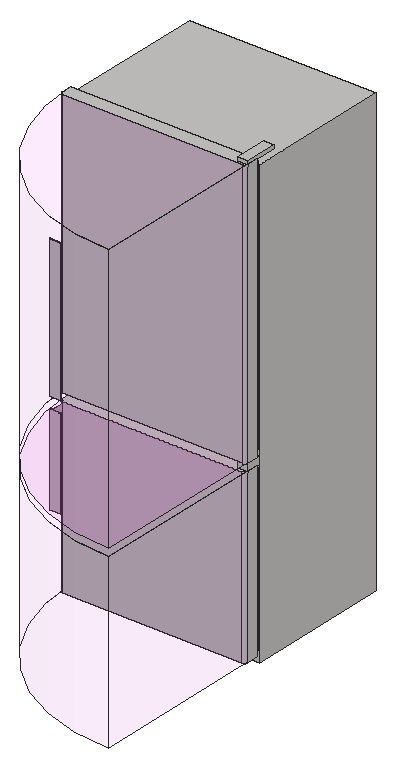
Revit family "QF_Summit_FFBF283SS_Freezer_Refrigerator", category Specialty Equipment, Revit 2020
Family settings
  Round Connector Dimension = Use Diameter
  Part Type = Normal
  Work Plane-Based = No
  Always vertical = Yes
  Cut with Voids When Loaded = No
  Shared = No
  Room Calculation Point = No
Parameters
  Weight in Pounds = 200
  Watts = Volts * FL Amps  # 143.75 W
  Volts = 115 V
  URL Cutsheet = ""
  Specification by User = ""
  Specification by Manufacturer = ""
  Show RHD [instance] = not(Show LHD)  # no
  Show LHD [instance] = yes
  Show Clearance [instance] = yes
  Serial Number = ""
  Seismic Rating = ""
  SMACNA No = ""
  Revision Code = ""
  Refrigerant Volume = 0.00 kip
  Refrigerant Type = "R600a"
  Phase = 1
  Number of Poles = 1
  NAFEM Spec ID Number = ""
  Model = "FFBF283SS"
  Min Ckt Ampacity = 0 A
  Max Overcurrent Protection = 0 A
  Masterspec = ""
  Manufacturer = "Summit"
  Length = 27.63"
  Item Number = ""
  Installed By = ""
  Identify Quantity as Lot = yes
  Height = 67 3/4"
  HP = ""
  Furnished By = ""
  Foodservice Equipment Identifier = yes
  FL Amps = 1.25 A
  Electrical Remarks = ""
  Electric Connection Type = ""
  Elec Conn RI Height = 0"
  Elec Conn Connection Height = 0"
  Description = "Freezer Refrigerator"
  Depth = 26 1/4"
  Default Elevation = 0"
  Cycle = 60 Hz
  Conn Plug = ""
  Conn Conduit = yes
  CSI MasterFormat = ""
  BTUH = 0.0 Btu/h
  Apparent Power = 0 VA
Reference planes (in)
  plane 1 "BACK": y = 0
  plane 2: z = 0
  plane 3 "LEFT": x = 0
  plane 4 "RIGHT": x = 27.63
  plane 5 "FRONT": y = -26.25
  plane 6 "TOP": z = 67.75
  plane 7 "Center Y": x = 13.815
  plane 8 "Center X": y = -13.125
Dimensions and locks (in)
  equal spacing: plane 3 "LEFT", plane 7 "Center Y", plane 4 "RIGHT"
  "Length": plane 3 "LEFT" to plane 4 "RIGHT"
  equal spacing: plane 5 "FRONT", plane 8 "Center X", plane 1 "BACK"
  "Depth": plane 5 "FRONT" to plane 1 "BACK"
  "Height": plane 6 "TOP" to level
  aligned and locked: level to plane 2
Nested families (in)
  nested 1: "FFBF283SS" at (0, 0, 0), Show Clearance <- "Show Clearance", Show LHD <- "Show LHD", Show RHD <- "Show RHD", type "FFBF283SS"
    with Show RHD no, Show LHD yes, Show Clearance yes
Connectors (in)
  electrical at (19.75651, -1.66287, 2.32866), driven by "Volts", driven by "Watts"
    settings: on nested 1, index 1, voltage 115 V, apparent load 143.75 VA, apparent load phase1 0 VA, apparent load phase2 0 VA, apparent load phase3 0 VA, power factor 1, load classification "Other", number of poles 1, system type 30, power factor state 1, is connector primary yes, connector utility no, sub classification motor no, connector description "ELECTRICAL CONNECTION"
Definition of nested family "FFBF283SS"
  Parameters (values of type "FFBF283SS")
    Weight in Pounds = 0
    URL Cutsheet = ""
    Specification by User = ""
    Specification by Manufacturer = ""
    Show RHD [instance] = yes
    Show LHD [instance] = yes
    Show Clearance [instance] = yes
    Serial Number = ""
    Seismic Rating = ""
    SMACNA No = ""
    Revision Code = ""
    NAFEM Spec ID Number = ""
    Masterspec = ""
    Length = 27.63"
    Item Number = ""
    Installed By = ""
    Identify Quantity as Lot = yes
    Height = 67 3/4"
    Furnished By = ""
    Foodservice Equipment Identifier = yes
    Depth = 26 1/4"
    Default Elevation = 0"
    CSI MasterFormat = ""
  Reference planes (in)
    plane 1 "BACK": y = 0
    plane 2: z = 0
    plane 3 "LEFT": x = 0
    plane 4 "RIGHT": x = 27.63
    plane 5 "FRONT": y = -26.25
    plane 6 "TOP": z = 67.75
    plane 7 "Center Y": x = 13.815
    plane 8 "Center X": y = -13.125
    plane 9: z = 0.875
    plane 10: z = 27.5
    plane 11: z = 67.25
    plane 12: z = 26.375
    plane 13: y = -51.375
  Forms (in)
    Extrusion 1, solid
      sketch origin (-240, 25.61196, 29.00218) x (0, 1, 0) y (-1, 0, 0)
        loop
          line (-27.30608, -240) -> (-27.30608, -267.63) -> (-26.30608, -265.89795) -> (-26.30608, -241.73205) -> (-27.30608, -240)
      from 0 to 10
    Extrusion 2, solid, visible <- "Show LHD"
      sketch origin (23.09386, -180, 67.25) x (0, -1, 0) y (1, 0, 0)
        loop
          line (-159.51147, 2.98534) -> (-154.56912, 2.98534) -> (-154.56912, 4.48534) -> (-159.51147, 4.48534) -> (-159.51147, 2.98534)
      from 0 to 0.5
    Extrusion 3, solid, visible <- "Show LHD"
      sketch origin (23.09386, -180.04277, 27.5) x (1, 0, 0) y (0, -1, 0)
        loop
          line (2.98534, -159.62336) -> (4.48534, -159.62336) -> (4.48534, -154.61189) -> (2.98534, -154.61189) -> (2.98534, -159.62336)
      from 0 to 1.125
    Extrusion 4, solid
      sketch origin (-4.79284, -180.04277, 0.875) x (0, -1, 0) y (-1, 0, 0)
        loop
          line (-156.72365, -4.9982) -> (-156.72365, -32.24611) -> (-156.29277, -32.24611) -> (-156.29277, -4.9982) -> (-156.72365, -4.9982)
      from -27.33816 to -65.977
    Extrusion 5, solid
      sketch origin (23.09386, -180.04277, 27.5) x (1, 0, 0) y (0, -1, 0)
        loop
          line (-22.8885, -156.72365) -> (4.35941, -156.72365) -> (4.35941, -156.29277) -> (-22.8885, -156.29277) -> (-22.8885, -156.72365)
      from 26.01558 to 1.65424
    Extrusion 6, solid
      sketch origin (0, 0, 0) x (1, 0, 0) y (0, 1, 0)
        loop
          line (17.60219, 0) -> (17.60219, -0.69412) -> (22.1767, -0.69412) -> (22.1767, 0) -> (17.60219, 0)
      from 31.17781 to 36.47229
    Extrusion 7, solid
      sketch origin (0, -1.69412, 0.875) x (1, 0, 0) y (0, 0, -1)
        loop
          circle (19.75651, -1.45366) r 0.25
      from 0 to 0.03125
    Extrusion 8, solid, visible <- "Show LHD"
      sketch origin (-4.79284, -180.04277, 0.875) x (0, -1, 0) y (-1, 0, 0)
        loop
          line (-156.29277, -32.42284) -> (-128.66277, -32.42284)
          arc (-128.66277, -32.42284) -> (-136.75541, -12.88548) -> (-156.29277, -4.79284) r 27.63
          line (-156.29277, -4.79284) -> (-156.29277, -32.42284)
      from 0 to -25.5
    Extrusion 9, solid, visible <- "Show LHD"
      sketch origin (23.09386, -180.04277, 27.5) x (1, 0, 0) y (0, -1, 0)
        loop
          line (4.53614, -156.29277) -> (4.53614, -128.66277)
          arc (4.53614, -128.66277) -> (-15.00122, -136.75541) -> (-23.09386, -156.29277) r 27.63
          line (-23.09386, -156.29277) -> (4.53614, -156.29277)
      from 0 to -39.75
    Revolve 10, solid
      sketch origin (-240, -19.31912, 7.54756) x (0, 0, 1) y (-1, 0, 0)
        loop
          line (-6.67256, -241.3125) -> (-7.54756, -241.3125) -> (-7.54756, -242.1328) -> (-6.8733, -242.1328) -> (-6.8733, -241.74917) -> (-6.67256, -241.74917) -> (-6.67256, -241.3125)
        axis (-6.67256, -241.3125) -> (-7.54756, -241.3125)
      angle from 0 to 360
    Revolve 11, solid
      sketch origin (-240, -19.31912, 7.54756) x (0, 0, 1) y (-1, 0, 0)
        loop
          line (-6.67256, -266.3175) -> (-6.67256, -265.88083) -> (-6.8733, -265.88083) -> (-6.8733, -265.4972) -> (-7.54756, -265.4972) -> (-7.54756, -266.3175) -> (-6.67256, -266.3175)
        axis (-6.67256, -266.3175) -> (-7.54756, -266.3175)
      angle from 0 to 360
    Revolve 12, solid
      sketch origin (-240, -5.69412, 7.54756) x (0, 0, 1) y (-1, 0, 0)
        loop
          line (-6.67256, -241.3125) -> (-7.54756, -241.3125) -> (-7.54756, -242.1328) -> (-6.8733, -242.1328) -> (-6.8733, -241.74917) -> (-6.67256, -241.74917) -> (-6.67256, -241.3125)
        axis (-6.67256, -241.3125) -> (-7.54756, -241.3125)
      angle from 0 to 360
    Revolve 13, solid
      sketch origin (-240, -5.69412, 7.54756) x (0, 0, 1) y (-1, 0, 0)
        loop
          line (-6.67256, -266.3175) -> (-6.67256, -265.88083) -> (-6.8733, -265.88083) -> (-6.8733, -265.4972) -> (-7.54756, -265.4972) -> (-7.54756, -266.3175) -> (-6.67256, -266.3175)
        axis (-6.67256, -266.3175) -> (-7.54756, -266.3175)
      angle from 0 to 360
    Extrusion 14, solid, visible <- "Show LHD"
      sketch origin (-0.375, 0, 0) x (1, 0, 0) y (0, 1, 0)
        loop
          line (0.52265, -25.34709) -> (0.52265, -27.84709) -> (2.11142, -27.84709) -> (2.11142, -27.77325) -> (0.58157, -27.77325) -> (0.58157, -25.34709) -> (0.52265, -25.34709)
      from 23.19985 to 25.84576
    Extrusion 15, solid, visible <- "Show LHD"
      sketch origin (-0.375, 0, 0) x (1, 0, 0) y (0, 1, 0)
        loop
          line (0.52265, -25.34709) -> (0.52265, -27.84709) -> (2.11142, -27.84709) -> (2.11142, -27.77325) -> (0.58157, -27.77325) -> (0.58157, -25.34709) -> (0.52265, -25.34709)
      from 13.11935 to 15.71519
    Extrusion 16, solid, visible <- "Show LHD"
      sketch origin (-0.81166, -180, 20.92531) x (-1, 0, 0) y (0, -1, 0)
        loop
          line (-0.95931, -154.65291) -> (-0.95931, -152.15291) -> (-2.54809, -152.15291) -> (-2.54809, -152.22675) -> (-1.01824, -152.22675) -> (-1.01824, -154.65291) -> (-0.95931, -154.65291)
      from 23.81571 to 26.23213
    Extrusion 17, solid, visible <- "Show LHD"
      sketch origin (-0.81166, -180, 16.17531) x (-1, 0, 0) y (0, -1, 0)
        loop
          line (-0.95931, -154.65291) -> (-0.95931, -152.15291) -> (-2.54809, -152.15291) -> (-2.54809, -152.22675) -> (-1.01824, -152.22675) -> (-1.01824, -154.65291) -> (-0.95931, -154.65291)
      from 13.11935 to 15.71519
    Extrusion 18, solid, visible <- "Show LHD"
      sketch origin (-0.375, 0, 25.84576) x (1, 0, 0) y (0, 1, 0)
        loop
          line (0.52265, -27.84709) -> (0.52265, -27.90959) -> (2.11142, -27.90959) -> (2.11142, -27.84709) -> (0.52265, -27.84709)
      from 0.34671 to -13.11278
    Extrusion 19, solid, visible <- "Show LHD"
      sketch origin (-0.81166, -180, 31.8905) x (-1, 0, 0) y (0, -1, 0)
        loop
          line (-0.95931, -152.15291) -> (-0.95931, -152.09041) -> (-2.54809, -152.09041) -> (-2.54809, -152.15291) -> (-0.95931, -152.15291)
      from -4.0552 to 16.98943
    Extrusion 20, solid, visible <- "Show RHD"
      sketch origin (4.53614, -180, 67.25) x (0, -1, 0) y (1, 0, 0)
        loop
          line (-159.51147, -2.98534) -> (-159.51147, -4.48534) -> (-154.56912, -4.48534) -> (-154.56912, -2.98534) -> (-159.51147, -2.98534)
      from 0 to 0.5
    Extrusion 21, solid, visible <- "Show RHD"
      sketch origin (4.53614, -180.04277, 27.5) x (1, 0, 0) y (0, -1, 0)
        loop
          line (-2.98534, -159.62336) -> (-2.98534, -154.61189) -> (-4.48534, -154.61189) -> (-4.48534, -159.62336) -> (-2.98534, -159.62336)
      from 0 to 1.125
    Extrusion 22, solid, visible <- "Show RHD"
      sketch origin (32.42284, -180.04277, 0.875) x (0, 1, 0) y (1, 0, 0)
        loop
          line (156.29277, -32.42284) -> (156.29277, -4.79284)
          arc (156.29277, -4.79284) -> (136.75541, -12.88548) -> (128.66277, -32.42284) r 27.63
          line (128.66277, -32.42284) -> (156.29277, -32.42284)
      from 0 to -25.5
    Extrusion 23, solid, visible <- "Show RHD"
      sketch origin (4.53614, -180.04277, 27.5) x (1, 0, 0) y (0, -1, 0)
        loop
          line (-4.53614, -156.29277) -> (23.09386, -156.29277)
          arc (23.09386, -156.29277) -> (15.00122, -136.75541) -> (-4.53614, -128.66277) r 27.63
          line (-4.53614, -128.66277) -> (-4.53614, -156.29277)
      from 0 to -39.75
    Extrusion 24, solid, visible <- "Show RHD"
      sketch origin (28.005, 0, 0) x (-1, 0, 0) y (0, -1, 0)
        loop
          line (0.52265, 25.34709) -> (0.58157, 25.34709) -> (0.58157, 27.77325) -> (2.11142, 27.77325) -> (2.11142, 27.84709) -> (0.52265, 27.84709) -> (0.52265, 25.34709)
      from 23.19985 to 25.84576
    Extrusion 25, solid, visible <- "Show RHD"
      sketch origin (28.005, 0, 0) x (-1, 0, 0) y (0, -1, 0)
        loop
          line (0.52265, 25.34709) -> (0.58157, 25.34709) -> (0.58157, 27.77325) -> (2.11142, 27.77325) -> (2.11142, 27.84709) -> (0.52265, 27.84709) -> (0.52265, 25.34709)
      from 13.11935 to 15.71519
    Extrusion 26, solid, visible <- "Show RHD"
      sketch origin (28.44166, -180, 20.92531) x (1, 0, 0) y (0, 1, 0)
        loop
          line (-0.95931, 154.65291) -> (-1.01824, 154.65291) -> (-1.01824, 152.22675) -> (-2.54809, 152.22675) -> (-2.54809, 152.15291) -> (-0.95931, 152.15291) -> (-0.95931, 154.65291)
      from 23.81571 to 26.23213
    Extrusion 27, solid, visible <- "Show RHD"
      sketch origin (28.44166, -180, 16.17531) x (1, 0, 0) y (0, 1, 0)
        loop
          line (-0.95931, 154.65291) -> (-1.01824, 154.65291) -> (-1.01824, 152.22675) -> (-2.54809, 152.22675) -> (-2.54809, 152.15291) -> (-0.95931, 152.15291) -> (-0.95931, 154.65291)
      from 13.11935 to 15.71519
    Extrusion 28, solid, visible <- "Show RHD"
      sketch origin (28.005, 0, 25.84576) x (-1, 0, 0) y (0, -1, 0)
        loop
          line (0.52265, 27.84709) -> (2.11142, 27.84709) -> (2.11142, 27.90959) -> (0.52265, 27.90959) -> (0.52265, 27.84709)
      from 0.34671 to -13.11278
    Extrusion 29, solid, visible <- "Show RHD"
      sketch origin (28.44166, -180, 31.8905) x (1, 0, 0) y (0, 1, 0)
        loop
          line (-0.95931, 152.15291) -> (-2.54809, 152.15291) -> (-2.54809, 152.09041) -> (-0.95931, 152.09041) -> (-0.95931, 152.15291)
      from -4.0552 to 16.98943
    Extrusion 30, solid
      sketch origin (-4.79284, -180, 0) x (-1, 0, 0) y (0, -1, 0)
        loop
          line (-4.79284, -178.30588) -> (-4.79284, -156.68088) -> (-32.42284, -156.68088) -> (-32.42284, -178.30588) -> (-4.79284, -178.30588)
      from 0 to 66.375
    Extrusion 31, solid
      sketch origin (23.09386, -180.04277, 67.80928) x (0, -1, 0) y (-1, 0, 0)
        loop
          line (-156.29277, 23.09386) -> (-156.29277, -4.53614) -> (-154.65436, -4.53614)
          arc (-154.65436, -4.53614) -> (-154.31054, -4.39917) -> (-154.1551, -4.06328) r 0.5
          arc (-154.1551, -4.06328) -> (-153.79277, 9.27886) -> (-154.1551, 22.62099) r 245.83174
          arc (-154.1551, 22.62099) -> (-154.31054, 22.95688) -> (-154.65436, 23.09386) r 0.5
          line (-154.65436, 23.09386) -> (-156.29277, 23.09386)
      from 0.55928 to 40.30928
    Extrusion 32, solid
      sketch origin (-4.79284, -180.04277, 26.375) x (-1, 0, 0) y (0, -1, 0)
        loop
          line (-4.79284, -156.29277) -> (-4.79284, -154.65109)
          arc (-4.79284, -154.65109) -> (-4.92991, -154.30718) -> (-5.26595, -154.15181) r 0.5
          arc (-5.26595, -154.15181) -> (-18.60784, -153.79277) -> (-31.94973, -154.15181) r 248.06708
          arc (-31.94973, -154.15181) -> (-32.28578, -154.30718) -> (-32.42284, -154.65109) r 0.5
          line (-32.42284, -154.65109) -> (-32.42284, -156.29277) -> (-4.79284, -156.29277)
      from 0 to -25.5
  Cuts and joins
    joined: Extrusion 14, Extrusion 15, Extrusion 18
    joined: Extrusion 16, Extrusion 17, Extrusion 19
  Lines and regions (in)
    symbolic lines, visible <- "Show LHD"
      curve 1: line (0, -23.31912, 0) -> (26.0792, -23.31912, 0)
      curve 17: line (26.0792, -20.48853, 0) -> (26.0792, -25.43088, 0)
      curve 18: line (26.0792, -25.43088, 0) -> (27.5792, -25.43088, 0)
      curve 19: line (27.5792, -25.43088, 0) -> (27.5792, -20.48853, 0)
      curve 20: line (27.5792, -20.48853, 0) -> (26.0792, -20.48853, 0)
      curve 22: line (26.0792, -23.75, 0) -> (0, -23.75, 0)
      curve 23: line (0.20536, -23.31912, 0) -> (0.20536, -23.75, 0)
      curve 24: line (0.20657, -27.77325, 0) -> (0.20657, -25.79326, 0)
      curve 25: line (0.14765, -25.74316, 0) -> (0.14765, -27.90959, 0)
      curve 26: line (1.73642, -27.77325, 0) -> (0.20657, -27.77325, 0)
      curve 27: line (1.73642, -27.84709, 0) -> (0.14765, -27.84709, 0)
      curve 28: line (0.14765, -27.90959, 0) -> (1.73642, -27.90959, 0)
      curve 29: line (1.73642, -27.90959, 0) -> (1.73642, -27.77325, 0)
      curve 30: arc (3.70172, -37.565, 0) -> (0.94147, -30.90117, 0) -> (0, -23.75, 0) r 27.63
      curve 31: line (27.63, -23.75, 0) -> (3.70172, -37.565, 0)
    symbolic lines
      curve 2: line (0, -1.69412, 0) -> (0, -23.31912, 0)
      curve 3: line (27.63, -23.31912, 0) -> (27.63, -1.69412, 0)
      curve 4: line (27.63, -1.69412, 0) -> (0, -1.69412, 0)
      curve 5: line (1.73205, -0.69412, 0) -> (0, -1.69412, 0)
      curve 6: line (25.89795, -0.69412, 0) -> (1.73205, -0.69412, 0)
      curve 7: line (27.63, -1.69412, 0) -> (25.89795, -0.69412, 0)
      curve 8: line (22.1767, 0, 0) -> (17.60219, 0, 0)
      curve 9: line (22.1767, -0.69412, 0) -> (22.1767, 0, 0)
      curve 10: line (17.60219, 0, 0) -> (17.60219, -0.69412, 0)
      curve 11: line (27.63, -23.75, 0) -> (27.5792, -23.75, 0)
      curve 12: line (0, -23.75, 0) -> (0, -25.38841, 0)
      curve 13: arc (0.47286, -25.88767, 0) -> (0.13698, -25.73223, 0) -> (0, -25.38841, 0) r 0.5
      curve 14: arc (27.09985, -25.89078, 0) -> (13.78631, -26.25, 0) -> (0.47286, -25.88767, 0) r 245.83174
      curve 15: arc (27.63, -25.39169, 0) -> (27.47273, -25.75575, 0) -> (27.09985, -25.89078, 0) r 0.5
      curve 16: line (27.63, -25.39169, 0) -> (27.63, -23.75, 0)
      curve 21: line (27.5792, -23.31912, 0) -> (27.63, -23.31912, 0)
    symbolic lines, visible <- "Show RHD"
      curve 32: arc (23.92828, -37.565, 0) -> (26.68853, -30.90117, 0) -> (27.63, -23.75, 0) r 27.63
      curve 33: line (0, -23.75, 0) -> (23.92828, -37.565, 0)
      curve 34: line (27.42343, -27.77325, 0) -> (27.42343, -25.79654, 0)
      curve 35: line (27.48235, -25.74644, 0) -> (27.48235, -27.90959, 0)
      curve 36: line (25.89358, -27.77325, 0) -> (27.42343, -27.77325, 0)
      curve 37: line (25.89358, -27.84709, 0) -> (27.48235, -27.84709, 0)
      curve 38: line (27.48235, -27.90959, 0) -> (25.89358, -27.90959, 0)
      curve 39: line (25.89358, -27.90959, 0) -> (25.89358, -27.77325, 0)
      curve 40: line (1.5508, -20.48853, 0) -> (1.5508, -25.43088, 0)
      curve 41: line (1.5508, -25.43088, 0) -> (0.0508, -25.43088, 0)
      curve 42: line (0.0508, -25.43088, 0) -> (0.0508, -20.48853, 0)
      curve 43: line (0.0508, -20.48853, 0) -> (1.5508, -20.48853, 0)
      curve 44: line (27.63, -23.31912, 0) -> (1.5508, -23.31912, 0)
      curve 45: line (1.5508, -23.75, 0) -> (27.63, -23.75, 0)
      curve 46: line (27.42464, -23.31912, 0) -> (27.42464, -23.75, 0)
  Dimensions and locks (in)
    equal spacing: plane 3 "LEFT", plane 7 "Center Y", plane 4 "RIGHT"
    "Length": plane 3 "LEFT" to plane 4 "RIGHT"
    equal spacing: plane 5 "FRONT", plane 8 "Center X", plane 1 "BACK"
    "Depth": plane 5 "FRONT" to plane 1 "BACK"
    "Height": plane 6 "TOP" to level
    plane 11 to plane 10 = 39 3/4"
    plane 12 to plane 9 = 25 1/2"
    plane 1 "BACK" to plane 13 = 51 3/8"
    aligned and locked: level to plane 2
  Automatic sketch dimensions
    Extrusion 1 sketch curve to plane 3 "LEFT" = 0"
    Extrusion 1 sketch curve to plane 4 "RIGHT" = 0"
    plane 1 "BACK" to Extrusion 1 sketch curve = 1.69412"
    plane 1 "BACK" to Extrusion 1 sketch curve = 0.69412"
    plane 4 "RIGHT" to Extrusion 1 sketch curve = 1.73205"
    plane 3 "LEFT" to Extrusion 1 sketch curve = 1.73205"
    plane 4 "RIGHT" to Extrusion 2 sketch curve = 13/256"
    Extrusion 2 sketch curve to plane 5 "FRONT" = 5.76147"
    Extrusion 2 sketch curve to plane 5 "FRONT" = 0.81912"
    Extrusion 2 sketch curve to Extrusion 2 sketch curve = 1 1/2"
    plane 1 "BACK" to Extrusion 6 sketch curve = 0"
    plane 1 "BACK" to Extrusion 6 sketch curve = 0.69412"
    plane 7 "Center Y" to Extrusion 6 sketch curve = 3.78719"
    Extrusion 6 sketch curve to Extrusion 6 sketch curve = 4.57451"
    Revolve 10 sketch curve to level = 0"
    Revolve 10 sketch curve to plane 9 = 0"  (x2)
    Revolve 10 sketch curve to plane 9 = 0.20074"
    plane 3 "LEFT" to Revolve 10 sketch curve = 2 17/128"
    Revolve 10 sketch curve to Revolve 10 sketch curve = 0.38363"
    Revolve 10 sketch curve to Revolve 10 sketch curve = 0.43667"
    Revolve 10 sketch curve to Revolve 10 sketch curve = 1/4"
    Revolve 10 sketch curve to Revolve 10 sketch curve = 0"
    Revolve 11 sketch curve to level = 0"
    Revolve 11 sketch curve to plane 9 = 0"  (x2)
    Revolve 11 sketch curve to plane 9 = 0.20074"
    plane 4 "RIGHT" to Revolve 11 sketch curve = 1 5/16"
    Revolve 11 sketch curve to Revolve 11 sketch curve = 0.43667"
    Revolve 11 sketch curve to Revolve 11 sketch curve = 0.38363"
    Revolve 11 sketch curve to plane 9 = 1/4"
    Revolve 11 sketch curve to Revolve 11 sketch curve = 0"
    Revolve 12 sketch curve to level = 0"
    Revolve 12 sketch curve to plane 9 = 0"  (x2)
    Revolve 12 sketch curve to plane 9 = 0.20074"
    plane 3 "LEFT" to Revolve 12 sketch curve = 2 17/128"
    Revolve 12 sketch curve to Revolve 12 sketch curve = 0.38363"
    Revolve 12 sketch curve to Revolve 12 sketch curve = 0.43667"
    Revolve 12 sketch curve to plane 9 = 1/4"
    Revolve 12 sketch curve to Revolve 12 sketch curve = 0"
    Revolve 13 sketch curve to level = 0"
    Revolve 13 sketch curve to plane 9 = 0"  (x2)
    Revolve 13 sketch curve to plane 9 = 0.20074"
    plane 4 "RIGHT" to Revolve 13 sketch curve = 1 5/16"
    Revolve 13 sketch curve to Revolve 13 sketch curve = 0.43667"
    Revolve 13 sketch curve to Revolve 13 sketch curve = 0.38363"
    Revolve 13 sketch curve to plane 9 = 1/4"
    Revolve 13 sketch curve to Revolve 13 sketch curve = 0"
    plane 3 "LEFT" to Extrusion 14 sketch curve = 0.14765"
    Extrusion 14 sketch curve to Extrusion 14 sketch curve = 0.05892"
    Extrusion 14 sketch curve to Extrusion 14 sketch curve = 1.52985"
    plane 5 "FRONT" to Extrusion 14 sketch curve = 1.59709"
    Extrusion 14 sketch curve to Extrusion 14 sketch curve = 0.07384"
    Extrusion 14 sketch curve to plane 5 "FRONT" = 0.90291"
    plane 3 "LEFT" to Extrusion 15 sketch curve = 0.14765"
    Extrusion 15 sketch curve to Extrusion 15 sketch curve = 0.05892"
    Extrusion 15 sketch curve to Extrusion 15 sketch curve = 1.52985"
    plane 5 "FRONT" to Extrusion 15 sketch curve = 1.59709"
    Extrusion 15 sketch curve to Extrusion 15 sketch curve = 0.07384"
    Extrusion 15 sketch curve to plane 5 "FRONT" = 0.90291"
    plane 3 "LEFT" to Extrusion 16 sketch curve = 1.73642"
    plane 3 "LEFT" to Extrusion 16 sketch curve = 0.20657"
    Extrusion 16 sketch curve to Extrusion 16 sketch curve = 0.05892"
    Extrusion 16 sketch curve to plane 5 "FRONT" = 0.90291"
    plane 5 "FRONT" to Extrusion 16 sketch curve = 1.52325"
    Extrusion 16 sketch curve to Extrusion 16 sketch curve = 0.07384"
    plane 3 "LEFT" to Extrusion 17 sketch curve = 1.73642"
    plane 3 "LEFT" to Extrusion 17 sketch curve = 0.20657"
    Extrusion 17 sketch curve to Extrusion 17 sketch curve = 0.05892"
    Extrusion 17 sketch curve to plane 5 "FRONT" = 0.90291"
    plane 5 "FRONT" to Extrusion 17 sketch curve = 1.52325"
    Extrusion 17 sketch curve to Extrusion 17 sketch curve = 0.07384"
    Extrusion 18 sketch curve to Extrusion 14 = 0"  (x3)
    Extrusion 14 to Extrusion 18 sketch curve = 1/16"
    Extrusion 17 to Extrusion 19 sketch curve = 0"
    Extrusion 19 sketch curve to Extrusion 17 = 0"  (x2)
    Extrusion 17 to Extrusion 19 sketch curve = 1/16"
    plane 3 "LEFT" to Extrusion 20 sketch curve = 13/256"
    Extrusion 20 sketch curve to plane 5 "FRONT" = 5.76147"
    Extrusion 20 sketch curve to plane 5 "FRONT" = 0.81912"
    Extrusion 20 sketch curve to Extrusion 20 sketch curve = 1 1/2"
    Extrusion 21 sketch curve to Extrusion 21 sketch curve = 1 1/2"
    Extrusion 24 sketch curve to plane 4 "RIGHT" = 0.14765"
    Extrusion 24 sketch curve to Extrusion 24 sketch curve = 0.05892"
    Extrusion 24 sketch curve to Extrusion 24 sketch curve = 1.52985"
    Extrusion 24 sketch curve to plane 5 "FRONT" = 1.59709"
    Extrusion 24 sketch curve to Extrusion 24 sketch curve = 0.07384"
    plane 5 "FRONT" to Extrusion 24 sketch curve = 0.90291"
    Extrusion 25 sketch curve to plane 4 "RIGHT" = 0.14765"
    Extrusion 25 sketch curve to Extrusion 25 sketch curve = 0.05892"
    Extrusion 25 sketch curve to Extrusion 25 sketch curve = 1.52985"
    Extrusion 25 sketch curve to plane 5 "FRONT" = 1.59709"
    Extrusion 25 sketch curve to Extrusion 25 sketch curve = 0.07384"
    plane 5 "FRONT" to Extrusion 25 sketch curve = 0.90291"
    plane 4 "RIGHT" to Extrusion 26 sketch curve = 1.73642"
    plane 4 "RIGHT" to Extrusion 26 sketch curve = 0.20657"
    Extrusion 26 sketch curve to Extrusion 26 sketch curve = 0.05892"
    plane 5 "FRONT" to Extrusion 26 sketch curve = 1.59709"
    Extrusion 26 sketch curve to Extrusion 26 sketch curve = 0.07384"
    Extrusion 26 sketch curve to plane 5 "FRONT" = 0.90291"
    plane 4 "RIGHT" to Extrusion 27 sketch curve = 1.73642"
    plane 4 "RIGHT" to Extrusion 27 sketch curve = 0.20657"
    Extrusion 27 sketch curve to Extrusion 27 sketch curve = 0.05892"
    plane 5 "FRONT" to Extrusion 27 sketch curve = 1.59709"
    Extrusion 27 sketch curve to Extrusion 27 sketch curve = 0.07384"
    Extrusion 27 sketch curve to plane 5 "FRONT" = 0.90291"
    Extrusion 28 sketch curve to Extrusion 24 = 0"  (x2)
    Extrusion 24 to Extrusion 28 sketch curve = 0"
    Extrusion 28 sketch curve to Extrusion 24 = 1/16"
    Extrusion 29 sketch curve to Extrusion 27 = 0"  (x2)
    Extrusion 27 to Extrusion 29 sketch curve = 0"
    Extrusion 29 sketch curve to Extrusion 29 sketch curve = 1/16"
    curve 1 to plane 3 "LEFT" = 0"
    curve 12 to plane 3 "LEFT" = 0"
    curve 32 to plane 3 "LEFT" = 0"
    curve 14 to plane 7 "Center Y" = 0"
    plane 1 "BACK" to curve 8 = 0"
    curve 7 to plane 4 "RIGHT" = 0"
    curve 30 to plane 4 "RIGHT" = 0"
    curve 31 to plane 4 "RIGHT" = 0"
    plane 3 "LEFT" to curve 43 = 13/256"
    plane 3 "LEFT" to curve 28 = 0.14765"
    curve 27 to curve 26 = 0.05892"
    curve 41 to curve 13 = 115/256"
    curve 42 to curve 40 = 1 1/2"
    plane 1 "BACK" to curve 5 = 0.69412"
    plane 3 "LEFT" to curve 5 = 1.73205"
    curve 24 to curve 28 = 1.52985"
    plane 3 "LEFT" to curve 31 = 3.70172"
    plane 7 "Center Y" to curve 8 = 3.78719"
    curve 8 to curve 9 = 4.57451"
    plane 4 "RIGHT" to curve 33 = 3.70172"
    plane 4 "RIGHT" to curve 39 = 1.73642"
    plane 4 "RIGHT" to curve 6 = 1.73205"
    plane 4 "RIGHT" to curve 17 = 1 141/256"
    plane 4 "RIGHT" to curve 15 = 1/2"
    plane 4 "RIGHT" to curve 34 = 0.20657"
    plane 4 "RIGHT" to curve 35 = 0.14765"
    plane 4 "RIGHT" to curve 19 = 13/256"
    plane 1 "BACK" to curve 4 = 1.69412"
    curve 40 to plane 5 "FRONT" = 5.76147"
    curve 19 to plane 5 "FRONT" = 5.76147"
    curve 1 to curve 42 = 2.8306"
    curve 1 to curve 3 = 0"
    curve 30 to curve 3 = 0.43088"
    curve 45 to curve 30 = 0"
    curve 12 to plane 5 "FRONT" = 0.86159"
    curve 15 to plane 5 "FRONT" = 0.85831"
    curve 19 to curve 15 = 0.03919"
    curve 41 to plane 5 "FRONT" = 0.81912"
    plane 5 "FRONT" to curve 26 = 1.52325"
    plane 5 "FRONT" to curve 39 = 1.52325"
    curve 35 to curve 34 = 0.13634"
    curve 28 to curve 24 = 0.13634"
    curve 14 to plane 1 "BACK" = 219.58174"
    curve 30 to curve 23 = 0.20536"
    curve 14 to curve 13 = 0"
    curve 46 to curve 11 = 0.15456"
    curve 35 to curve 37 = 1/16"
    curve 28 to curve 27 = 1/16"
    plane 9 to Extrusion 7 sketch curve = 1.45366"
    plane 7 "Center Y" to Extrusion 7 sketch curve = 5.94151"
    Extrusion 30 sketch curve to plane 4 "RIGHT" = 0"
    Extrusion 30 sketch curve to plane 3 "LEFT" = 0"
    plane 1 "BACK" to Extrusion 30 sketch curve = 1.69412"
    Extrusion 30 sketch curve to plane 5 "FRONT" = 2.93088"
    plane 4 "RIGHT" to Extrusion 3 sketch curve = 1 141/256"
    plane 4 "RIGHT" to Extrusion 3 sketch curve = 13/256"
    Extrusion 3 sketch curve to plane 5 "FRONT" = 0.81912"
    Extrusion 3 sketch curve to Extrusion 3 sketch curve = 5.01147"
    plane 4 "RIGHT" to Extrusion 4 sketch curve = 0.17674"
    Extrusion 4 sketch curve to plane 5 "FRONT" = 2.93088"
    plane 3 "LEFT" to Extrusion 4 sketch curve = 0.20536"
    Extrusion 4 sketch curve to Extrusion 4 sketch curve = 0.43088"
    plane 3 "LEFT" to Extrusion 5 sketch curve = 0.20536"
    plane 4 "RIGHT" to Extrusion 5 sketch curve = 0.17674"
    Extrusion 5 sketch curve to plane 5 "FRONT" = 2 1/2"
    Extrusion 5 sketch curve to Extrusion 5 sketch curve = 0.43088"
    Extrusion 8 sketch curve to plane 3 "LEFT" = 0"
    Extrusion 8 sketch curve to plane 4 "RIGHT" = 0"
    Extrusion 8 sketch curve to plane 5 "FRONT" = 2 1/2"
    Extrusion 9 sketch curve to plane 3 "LEFT" = 0"
    Extrusion 9 sketch curve to plane 4 "RIGHT" = 0"
    Extrusion 9 sketch curve to plane 13 = 0.005"
    plane 3 "LEFT" to Extrusion 21 sketch curve = 13/256"
    Extrusion 21 sketch curve to plane 5 "FRONT" = 0.81912"
    Extrusion 21 sketch curve to Extrusion 21 sketch curve = 5.01147"
    Extrusion 22 sketch curve to plane 3 "LEFT" = 0"
    Extrusion 22 sketch curve to plane 4 "RIGHT" = 0"
    Extrusion 22 sketch curve to plane 13 = 0.005"
    Extrusion 23 sketch curve to plane 3 "LEFT" = 0"
    Extrusion 23 sketch curve to plane 4 "RIGHT" = 0"
    Extrusion 23 sketch curve to plane 13 = 0.005"
    Extrusion 31 sketch curve to plane 7 "Center Y" = 0"
    Extrusion 31 sketch curve to plane 4 "RIGHT" = 0"
    Extrusion 31 sketch curve to plane 3 "LEFT" = 0"
    Extrusion 31 sketch curve to plane 1 "BACK" = 219.58174"
    Extrusion 31 sketch curve to plane 5 "FRONT" = 2 1/2"
    Extrusion 31 sketch curve to plane 5 "FRONT" = 0.86159"  (x2)
    Extrusion 31 sketch curve to Extrusion 31 sketch curve = 1/2"
    plane 4 "RIGHT" to Extrusion 31 sketch curve = 1/2"
    Extrusion 31 sketch curve to Extrusion 31 sketch curve = 0"
    Extrusion 32 sketch curve to plane 4 "RIGHT" = 0"
    Extrusion 32 sketch curve to plane 7 "Center Y" = 0"
    Extrusion 32 sketch curve to plane 3 "LEFT" = 0"
    Extrusion 32 sketch curve to Extrusion 32 sketch curve = 1/2"
    plane 3 "LEFT" to Extrusion 32 sketch curve = 1/2"
    Extrusion 32 sketch curve to plane 1 "BACK" = 221.81708"
    Extrusion 32 sketch curve to plane 5 "FRONT" = 2 1/2"
    Extrusion 32 sketch curve to plane 5 "FRONT" = 0.85832"  (x2)
    Extrusion 32 sketch curve to Extrusion 32 sketch curve = 0"
    radius of Extrusion 7 sketch curve = 1/4"
